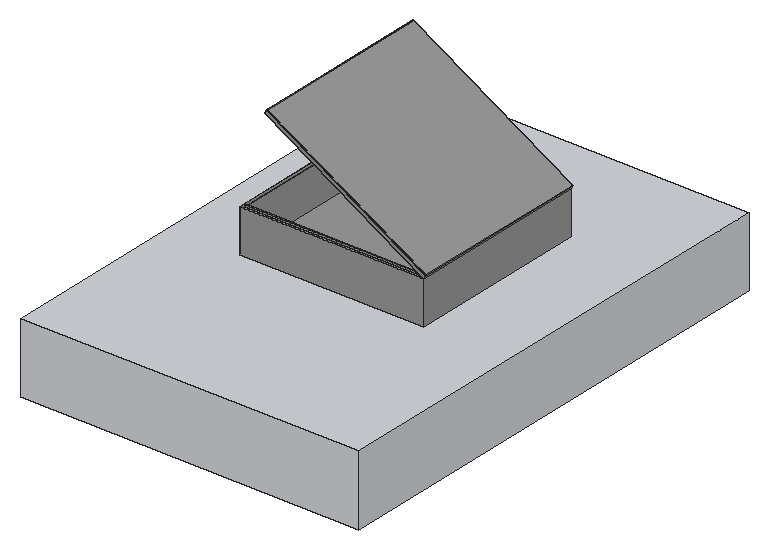
Revit family "Hager-Univers-IP54-D205-H800-Cl.II-Encl-DE-de", category Equipement électrique, Revit 2020
Family settings
  Hôte = Face
  Configuration du panneau = Deux colonnes, circuits au sein
  Cote de connecteur circulaire = Utiliser le diamètre
  Type d'élément = Tableau de raccordement
  Couper avec des vides une fois chargée = Non
  Partagée = Non
  Point de calcul de pièce = Non
Parameters (values of type "Aufputz IP54 B800 H800 T205  - FP53SW2")
  Width Control [instance] = if([EF000008 - Breite] > Min Width, [EF000008 - Breite], Min Width)  # 800 mm
  Commentaires du type = [HG000003 - Bereich]  # "Univers"
  Thickness Door [instance] = if([EF009171 - Materialstärke Tür/Deckel] > 3 mm, 3 mm, [EF009171 - Materialstärke Tür/Deckel])  # 1 mm
  Seal Frame Offset [instance] = 17 mm  # constant formula
  Plinth Visibility [instance] = [HG000027 - Sockelhöhe] > 0 mm  # no
  Model = ""
  Min Width [instance] = 100 mm  # constant formula
  Min Height [instance] = 100 mm  # constant formula
  Min Depth [instance] = (2 * [EF009170 - Materialstärke Gehäuse]) + 1 mm  # 3 mm
  Internal Frame Depth [instance] = (Door System Depth * 0.5)  # 9 mm
  Height Control [instance] = if([EF000040 - Höhe] > Min Height, [EF000040 - Höhe], Min Height)  # 800 mm
  HG000027 - Sockelhöhe = 0 mm
  HG000026 - Stehend auf dem Boden = no
  HG000024 - Höhe des unteren Teils = 800 mm
  HG000023 - Gehäuse mit doppeltem Querschnitt = no
  HG000016 - 3D-Türsichtbarkeit [instance] = yes
  HG000015 - Sichtbarkeit der Türöffnung [instance] = no
  HG000014 - Tür rechts [instance] = yes
  HG000013 - Tür links [instance] = not([HG000014 - Tür rechts])  # no
  HG000012 - Türschwenkwinkel [instance] = 30.00°
  HG000010 - Asymmetrische Türen = no
  HG000009 - Doppelflügeligen Tür = no
  HG000006 - Unterputz = no
  HG000004 - Herstellerreferenz = "FP53SW2"
  HG000003 - Bereich = "Univers"
  HG000002 - Mit tür = yes
  Frame Offset Bottom [instance] = 10 mm  # constant formula
  Frame Offset [instance] = 15 mm  # constant formula
  EF015940 - Deckel mit Überdruckentlastung = no
  EF011959 - Schutzart (NEMA) = ""
  EF009554 - Anzahl der Öffnungen für Flanschplatten = 6
  Fabricant = "Hager"  # constant formula
  EF009212 - Ausführung Deckel = "EV000116 - geschlossen"
  EF009171 - Materialstärke Tür/Deckel = 1 mm
  EF009170 - Materialstärke Gehäuse = 1 mm
  EF008873 - Nennstrom (In) = 250 A
  EF007800 - Geeignet für Blitzschutz = no
  EF006306 - Mit Schloss = no
  EF006244 - Transparenter Deckel/Tür = no
  EF005474 - Schutzart (IP) = "EV006419 - IP54"
  EF004464 - Art der Tür = "EV002646 - Einzel"
  EF004427 - Anzahl der Module = 180
  EF004293 - Schlagfestigkeit = "EV006815 - IK09"
  EF003532 - Geeignet für Außengebrauch = no
  EF002950 - Breite in Teilungseinheiten = 36
  EF001613 - Funktionserhalt = "EV000494 - ohne"
  EF001596 - Werkstoff des Gehäuses = "EV000179 - Stahl"
  EF001131 - Innentiefe = 130 mm
  EF001088 - Anbaumöglichkeit = yes
  EF000437 - Anzahl der Leitungseinführungen = 6
  EF000339 - Art der Abdeckung = "EV004216 - Tür"
  EF000266 - Anzahl der Reihen = 5
  EF000218 - Einbautiefe = 205 mm
  EF000118 - Mit Montageplatte = no
  EF000116 - RAL-Nummer = "9010"
  EF000049 - Tiefe = 205 mm
  EF000040 - Höhe = 800 mm
  EF000008 - Breite = 800 mm
  EF000007 - Farbe = "EV000202 - weiß"
  EF000003 - Montageart = "EV000384 - Aufputz"
  Door System Leaf Tolerance [instance] = 1.5 mm  # constant formula
  Door System Depth [instance] = 18 mm  # constant formula
  Door Height [instance] = Height Control - [HG000027 - Sockelhöhe]  # 800 mm
  Depth Control [instance] = if([EF000049 - Tiefe] > Min Depth, [EF000049 - Tiefe], Min Depth)  # 205 mm
  Default Elevation = 0 mm
  Connector Offset [instance] = Height Control / 2  # 400 mm
  Bottom Top Plate Trim [instance] = 1.5 mm  # constant formula
  Plinth height Ctrl [instance] = if([HG000027 - Sockelhöhe] > 0 mm, [HG000027 - Sockelhöhe], 12 mm)  # 12 mm
Types (5, lengths in mm): name | Width Control | HG000010 - Asymmetrische Türen | HG000009 - Doppelflügeligen Tür | HG000004 - Herstellerreferenz | EF009554 - Anzahl der Öffnungen für Flanschplatten | EF004464 - Art der Tür | EF004427 - Anzahl der Module | EF002950 - Breite in Teilungseinheiten | EF000437 - Anzahl der Leitungseinführungen | EF000339 - Art der Abdeckung | EF000008 - Breite
  Aufputz IP54 B1050 H800 T205  - FP54SW2 | 1050 | no | yes | "FP54SW2" | 8 | "EV003602 - Doppel" | 240 | 48 | 8 | "EV004216 - Tür" | 1050
  Aufputz IP54 B1300 H800 T205  - FP55SW2 | 1300 | yes | yes | "FP55SW2" | 10 | "EV003602 - Doppel" | 300 | 60 | 10 | "EV004216 - Tür" | 1300
  Aufputz IP54 B300 H800 T205  - FP51SW2 | 300 | no | no | "FP51SW2" | 2 | "EV002646 - Einzel" | 60 | 12 | 2 | "EV001012 - Deckel" | 300
  Aufputz IP54 B550 H800 T205  - FP52SW2 | 550 | no | no | "FP52SW2" | 4 | "EV002646 - Einzel" | 120 | 24 | 4 | "EV001012 - Deckel" | 550
  Aufputz IP54 B800 H800 T205  - FP53SW2 | 800 | no | no | "FP53SW2" | 6 | "EV002646 - Einzel" | 180 | 36 | 6 | "EV004216 - Tür" | 800
Reference planes
  plane 1 "Center (Front/Back)": y = 0
  plane 2: z = 0
  plane 3 "Center (Left/Right)": x = 0
  plane 4: z = 205
  plane 5: y = 1
  plane 6: y = 400
  plane 7: y = 0
  plane 8: y = 800
  plane 9: z = 0
  plane 10: x = -385
  plane 11: x = 385
  plane 12: x = 384
  plane 13: x = -384
  plane 14: y = 799
  plane 15: x = -383
  plane 16: x = -400
  plane 17: x = 383
  plane 18: x = 400
  plane 19: x = 399
  plane 20: x = -399
  plane 21: y = 11
  plane 22: y = 800
  plane 23: y = 784
  plane 24: z = 187
  plane 25: z = 1
  plane 26: z = 186
  plane 27: z = 204
Forms (mm)
  Extrusion 1, solid
    sketch origin (0, 0, 0) x (1, 0, 0) y (0, 1, 0)
      loop
        line (-702.964, 1305) -> (-702.964, -811.445) -> (766.763, -811.445) -> (766.763, 1305) -> (-702.964, 1305)
    from 0 to -304.8
  Extrusion 2, solid, material "Hager_Steel_RAL7035_Light_Grey", visible <- "Plinth Visibility", detail levels medium+fine
    sketch origin (0, 0, 0) x (1, 0, 0) y (0, 1, 0)
      loop
        line (-400, 0) -> (400, 0) -> (400, 12) -> (-400, 12) -> (-400, 0)
    from 0 to 187
  Extrusion 3, solid, material "Hager_Steel_RAL7035_Light_Grey", detail levels medium+fine
    sketch origin (0, 0, 0) x (1, 0, 0) y (0, 1, 0)
      loop
        line (-400, 0) -> (400, 0) -> (400, 800) -> (-400, 800) -> (-400, 0)
    from 0 to 187
  Extrusion 4, void
    sketch origin (0, 0, 0) x (1, 0, 0) y (0, 1, 0)
      loop
        line (-399, 1) -> (399, 1) -> (399, 799) -> (-399, 799) -> (-399, 1)
    from 1 to 186
  Extrusion 5, void
    sketch origin (-381.607, -4572, 187) x (0, -1, 0) y (-1, 0, 0)
      loop
        line (-4583, 2.393) -> (-5356, 2.393) -> (-5356, -765.607) -> (-4583, -765.607) -> (-4583, 2.393)
    from 0 to 1 <- "EF009170 - Materialstärke Gehäuse"
  Extrusion 6, solid, material "Hager_Steel_RAL7035_Light_Grey", detail levels fine
    sketch origin (0, 0, 187) x (1, 0, 0) y (0, 1, 0)
      loop
        line (-384, 784) -> (-384, 11) -> (384, 11) -> (384, 784) -> (-384, 784)
      loop
        line (-385, 10) -> (385, 10) -> (385, 785) -> (-385, 785) -> (-385, 10)
    from 0 to 9 <- "Internal Frame Depth"
  Extrusion 7, solid, material "Hager_Steel_RAL7035_Light_Grey", detail levels coarse
    sketch origin (0, 0, 0) x (1, 0, 0) y (0, 1, 0)
      loop
        line (-400, 0) -> (400, 0) -> (400, 800) -> (-400, 800) -> (-400, 0)
    from 0 to 205
  Sweep 8, void
    path in 3D
      loop
        line (-400, 12, 0) -> (400, 12, 0) -> (400, 12, 187) -> (-400, 12, 187) -> (-400, 12, 0)
    profile origin (-400, 12, 93.5) x (-1, 0, 0) y (0, -1, 0)
      loop
        line (0, 0) -> (0, 1.5) -> (-1.5, 1.5)
        arc (-1.5, 1.5) -> (-1.061, 0.439) -> (0, 0) r 1.5
Cuts and joins
  Extrusion 4, Extrusion 5 cuts Extrusion 3
  Sweep 8 cuts Extrusion 2
Lines and regions (mm)
  Masking region 1
    outline origin (0, 0, 0) x (1, 0, 0) y (0, 0, 1)
      loop
        line (-400, 205) -> (-400, 0) -> (400, 0) -> (400, 205) -> (-400, 205)
  Masking region 2, detail levels medium+fine
    outline origin (0, 140, 0) x (0, 1, 0) y (0, 0, 1)
      loop
        line (-140, 0) -> (660, 0) -> (660, 187) -> (-140, 187) -> (-140, 0)
  Masking region 3, not visible, detail levels medium+fine
    outline origin (0, 297.922, 0) x (0, 1, 0) y (0, 0, 1)
      loop
        line (113.578, 0) -> (153.578, 0) -> (153.578, 194)
        arc (153.578, 194) -> (150.649, 201.071) -> (143.578, 204) r 10
        line (143.578, 204) -> (113.578, 204) -> (113.578, 0)
  Masking region 4, detail levels coarse
    outline origin (0, 0, 180) x (0, 1, 0) y (0, 0, 1)
      loop
        line (0, -180) -> (800, -180) -> (800, 25) -> (0, 25) -> (0, -180)
  Masking region 5, visible <- "Plinth Visibility", detail levels medium+fine
    outline origin (0, 52.24, 12.345) x (0, 0, -1) y (0, 1, 0)
      loop
        line (10.845, -40.24) -> (-173.155, -40.24)
        arc (-173.155, -40.24) -> (-173.594, -41.301) -> (-174.655, -41.74) r 1.5
        line (-174.655, -41.74) -> (-174.655, -52.24) -> (12.345, -52.24) -> (12.345, -41.74)
        arc (12.345, -41.74) -> (11.285, -41.301) -> (10.845, -40.24) r 1.5
  Masking region 6, detail levels medium+fine
    outline origin (-381.607, -4572, 187) x (-1, 0, 0) y (0, -1, 0)
      loop
        line (18.393, -5372) -> (18.393, -4572) -> (-781.607, -4572) -> (-781.607, -5372) -> (18.393, -5372)
  Masking region 7, visible <- "Plinth Visibility", detail levels medium+fine
    outline origin (-381.607, -4727, 187) x (-1, 0, 0) y (0, -1, 0)
      loop
        arc (16.893, -4739) -> (17.332, -4737.939) -> (18.393, -4737.5) r 1.5
        line (18.393, -4737.5) -> (18.393, -4727) -> (-781.607, -4727) -> (-781.607, -4737.5)
        arc (-781.607, -4737.5) -> (-780.546, -4737.939) -> (-780.107, -4739) r 1.5
        line (-780.107, -4739) -> (16.893, -4739)
  Masking region 8, detail levels coarse
    outline origin (-442.548, -4669.526, 187) x (-1, 0, 0) y (0, -1, 0)
      loop
        line (-42.548, -5469.526) -> (-42.548, -4669.526) -> (-842.548, -4669.526) -> (-842.548, -5469.526) -> (-42.548, -5469.526)
  sketch lines
    curve 1: line (-400, 12, 187) -> (-400, 12, 0)
    curve 2: line (400, 12, 187) -> (-400, 12, 187)
    curve 3: line (400, 12, 187) -> (400, 12, 0)
    curve 4: line (-400, 12, 0) -> (400, 12, 0)
Dimensions and locks
  "Depth Control": plane 4 to Extrusion 1
  "HG000027 - Sockelhöhe": plane 1 "Center (Front/Back)" to plane 7
  "EF009170 - Materialstärke Gehäuse": plane 5 to plane 7
  locked: connector elem to plane 3 "Center (Left/Right)"
  equal spacing: plane 8, plane 6, plane 7
  locked: connector elem to plane 6
  "EF009170 - Materialstärke Gehäuse": plane 8 to plane 14
  "EF009170 - Materialstärke Gehäuse": plane 10 to plane 13
  "EF009170 - Materialstärke Gehäuse": plane 12 to plane 11
  "Frame Offset": plane 20 to plane 13
  "Frame Offset": plane 12 to plane 19
  "EF009170 - Materialstärke Gehäuse": plane 16 to plane 20
  "EF009170 - Materialstärke Gehäuse": plane 19 to plane 18
  "Seal Frame Offset": plane 16 to plane 15
  "Seal Frame Offset": plane 17 to plane 18
  "Frame Offset Bottom": plane 21 to plane 5
  "Frame Offset": plane 14 to plane 23
  equal spacing: plane 16, plane 3 "Center (Left/Right)", plane 18
  "Width Control": plane 16 to plane 18
  "EF009170 - Materialstärke Gehäuse": plane 4 to plane 27
  "EF009170 - Materialstärke Gehäuse": plane 24 to plane 26
  "EF009170 - Materialstärke Gehäuse": plane 25 to level
  "Door System Depth": plane 4 to plane 24
  "Height Control": plane 1 "Center (Front/Back)" to Extrusion 7 sketch curve
  "Height Control": Masking region 4 sketch curve to plane 1 "Center (Front/Back)"
  "Height Control": plane 1 "Center (Front/Back)" to plane 22
  "Bottom Top Plate Trim": profile plane to Sweep 8 sketch curve
  "Bottom Top Plate Trim": Sweep 8 sketch curve to profile plane
  "Plinth height Ctrl": plane 1 "Center (Front/Back)" to Extrusion 2 sketch curve
  "Plinth height Ctrl": Masking region 5 sketch curve to plane 1 "Center (Front/Back)"
  "Plinth height Ctrl": plane 1 "Center (Front/Back)" to Masking region 7 sketch curve
  "Thickness Door": Extrusion 6 sketch curve to Extrusion 6 sketch curve  (x3)
  "Thickness Door": cut or joined group of Extrusion 3, Extrusion 4, Extrusion 5 to Extrusion 6 sketch curve
  radius of Masking region 3 sketch curve = 10 mm
  "Bottom Top Plate Trim": radius of Masking region 5 sketch curve  (x2)
  "Bottom Top Plate Trim": radius of Sweep 8 sketch curve
  "Bottom Top Plate Trim": radius of Masking region 7 sketch curve  (x2)
  aligned and locked: plane 2 to Extrusion 1
  aligned and locked: level to Extrusion 1
  aligned and locked: level to Masking region 1 sketch curve
  aligned and locked: Masking region 1 sketch curve to plane 18
  aligned and locked: Masking region 1 sketch curve to plane 16
  aligned and locked: plane 7 to Masking region 2 sketch curve
  aligned and locked: level to Masking region 3 sketch curve
  aligned and locked: Masking region 3 sketch curve to plane 27
  aligned and locked: level to Masking region 2 sketch curve
  aligned and locked: plane 1 "Center (Front/Back)" to Extrusion 2 sketch curve
  aligned and locked: Extrusion 3 sketch curve to plane 7
  aligned and locked: plane 16 to Extrusion 3 sketch curve
  aligned and locked: plane 18 to Extrusion 3 sketch curve
  aligned and locked: plane 20 to Extrusion 4 sketch curve
  aligned and locked: plane 19 to Extrusion 4 sketch curve
  aligned and locked: Extrusion 4 sketch curve to plane 5
  aligned and locked: Extrusion 4 to plane 25
  aligned and locked: plane 26 to Extrusion 4
  aligned and locked: plane 24 to Extrusion 3
  aligned and locked: Extrusion 5 sketch curve to plane 21
  aligned and locked: Extrusion 5 sketch curve to plane 13
  aligned and locked: Extrusion 5 sketch curve to plane 12
  aligned and locked: plane 18 to Extrusion 7 sketch curve
  aligned and locked: plane 1 "Center (Front/Back)" to Extrusion 7 sketch curve
  aligned and locked: plane 16 to Extrusion 7 sketch curve
  aligned and locked: plane 4 to Extrusion 7
  aligned and locked: Extrusion 7 to level
  aligned and locked: level to Masking region 4 sketch curve
  aligned and locked: Masking region 4 sketch curve to plane 1 "Center (Front/Back)"
  aligned and locked: Masking region 4 sketch curve to plane 4
  aligned and locked: nested 1 to level
  aligned and locked: nested 1 to plane 16
  aligned and locked: plane 8 to Extrusion 3 sketch curve
  aligned and locked: plane 23 to Extrusion 5 sketch curve
  aligned and locked: plane 14 to Extrusion 4 sketch curve
  aligned and locked: Masking region 2 sketch curve to plane 8
  aligned and locked: level to Masking region 5 sketch curve
  aligned and locked: plane 16 to Extrusion 2 sketch curve
  aligned and locked: plane 18 to Extrusion 2 sketch curve
  aligned and locked: Masking region 5 sketch curve to plane 24
  aligned and locked: Masking region 2 sketch curve to plane 24
  aligned and locked: plane 24 to Extrusion 2
  aligned and locked: profile plane to Sweep 8 sketch curve  (x2)
  aligned and locked: Masking region 6 sketch curve to plane 18
  aligned and locked: Masking region 6 sketch curve to plane 22
  aligned and locked: Masking region 6 sketch curve to plane 16
  aligned and locked: plane 8 to plane 22
  aligned and locked: Masking region 6 sketch curve to plane 7
  aligned and locked: Masking region 7 sketch curve to plane 16
  aligned and locked: Masking region 7 sketch curve to plane 1 "Center (Front/Back)"
  aligned and locked: Masking region 7 sketch curve to plane 18
  aligned and locked: Masking region 8 sketch curve to plane 1 "Center (Front/Back)"
  aligned and locked: Masking region 8 sketch curve to plane 18
  aligned and locked: Masking region 8 sketch curve to plane 22
  aligned and locked: Masking region 8 sketch curve to plane 16
  aligned and locked: nested 2 to plane 7
  aligned and locked: plane 3 "Center (Left/Right)" to nested 2
  aligned and locked: nested 2 to plane 24
  aligned and locked: Extrusion 6 sketch curve to cut or joined group of Extrusion 3, Extrusion 4, Extrusion 5  (x4)
Automatic sketch dimensions
  Extrusion 1 sketch curve to Extrusion 1 sketch curve = 1469.727 mm
  Extrusion 1 sketch curve to Extrusion 1 sketch curve = 2116.445 mm
  Masking region 1 sketch curve to plane 4 = 0 mm
  plane 6 to Masking region 3 sketch curve = 11.5 mm
  Masking region 3 sketch curve to Masking region 3 sketch curve = 30 mm
  Masking region 5 sketch curve to plane 1 "Center (Front/Back)" = 0 mm
Nested families
  nested 1: "Hager_Enclosure_Symbol" at (-400, 0, 0) x (1, 0, 0) z (0, -1, 0), Height <- "Depth Control", Width <- "Width Control", type "Hager_Enclosure_Symbol"
    with Width_Ctrl 800 mm, Width 800 mm, Height_Ctrl 205 mm, Height 205 mm, A_Width_Int 13.453 mm, A_Width 161.438 mm, A_Height_Ctrl 179.375 mm, A_Height 179.375 mm
  nested 2: "EC000058_Univers_Door" at (0, 0, 187) x (1, 0, 0) z (0, 1, 0), Leaf_Tolerance <- "Door System Leaf Tolerance", Angle <- "HG000012 - Türschwenkwinkel", Door_Depth <- "Door System Depth", Door_Left <- "HG000013 - Tür links", Transparent <- "EF006244 - Transparenter Deckel/Tür", Assymetrical <- "HG000010 - Asymmetrische Türen", Width <- "Width Control", Clearance <- "HG000015 - Sichtbarkeit der Türöffnung", Double <- "HG000009 - Doppelflügeligen Tür", 3d_Door <- "HG000016 - 3D-Türsichtbarkeit", Lock_Visibility <- "EF006306 - Mit Schloss", Width_Ctrl <- "Width Control", Door_Right <- "HG000014 - Tür rechts", Door <- "HG000002 - Mit tür", Height <- "Door Height", Thickness <- "Thickness Door", type "EC000058_Univers_Door", detail levels medium+fine
    with min_wh 3 mm, Width_Ctrl 800 mm, Width 800 mm, Transparent no, Thickness 1 mm, Seal_Material Hager_Rubber, Lock_Visibility no, Lock_Material Hager_Plastic_RAL9005_Jet_Black, Leaf_Width 800 mm, Leaf_Tolerance_External_Sides 0 mm, Leaf_Tolerance 1.5 mm, Leaf_Offset 0 mm, Leaf_Height 797 mm, Leaf_2_Width 800 mm, Leaf_2_Offset 400 mm, Leaf_1_Width 800 mm, Leaf_1_Offset 400 mm, Height_Ctrl 800 mm, Height 800 mm, Glass_Material Hager_Glass, Double_Clearance_Ctrl no, Double no, Door_Right_Ctrl yes, Door_Right yes, Door_Material Hager_Steel_RAL7035_Light_Grey, Door_Left_Ctrl no, Door_Left no, Door_Depth 18 mm, Door yes, Clearance_Material Hager_Clearance, Clearance_Depth 800 mm, Clearance_Ctrl no, Clearance no, Assymetrical no, Angle 30.00°, 3d_Door yes
Connectors
  electrical at (0, 400, 0)
    settings: on plane 9, index 1, voltage 0 V, apparent load 0 VA, apparent load phase1 0 VA, apparent load phase2 0 VA, apparent load phase3 0 VA, power factor 1, load classification "Other", number of poles 1, system type 30, power factor state 1, is connector primary yes, connector utility no, sub classification motor no, connector description ""
Definition of nested family "EC000058_Univers_Door"
  Parameters (values of type "EC000058_Univers_Door")
    min_wh [instance] = (2 * Thickness) + 1 mm  # 11 mm
    Width_Ctrl [instance] = 400 mm
    Width [instance] = 500 mm
    Transparent [instance] = yes
    Thickness [instance] = 5 mm
    Seal_Material [instance] = none
    Lock_Visibility [instance] = yes
    Lock_Material [instance] = none
    Leaf_Width [instance] = if((Width_Ctrl - 2 * Leaf_Tolerance_External_Sides) > 0 mm, (Width_Ctrl - 2 * Leaf_Tolerance_External_Sides), min_wh)  # 400 mm
    Leaf_Tolerance_External_Sides [instance] = 0 mm  # constant formula
    Leaf_Tolerance [instance] = 1.5 mm
    Leaf_Offset [instance] = 0 mm  # constant formula
    Leaf_Height [instance] = if((Height_Ctrl - 2 * Leaf_Tolerance) > 0 mm, (Height_Ctrl - 2 * Leaf_Tolerance), min_wh)  # 497 mm
    Leaf_2_Width [instance] = if(and(and(Double, Assymetrical), Door_Left), (Leaf_Width / 3) - (Leaf_Tolerance / 2), if(and(and(Double, Assymetrical), Door_Right), (Leaf_Width / 3) * 2 - (Leaf_Tolerance / 2), if(and(Double, not(Assymetrical)), (Leaf_Width / 2) - Leaf_Tolerance, Leaf_Width)))  # 400 mm
    Leaf_2_Offset [instance] = if(and(Double, Assymetrical), Leaf_2_Width / 2, if(and(Double, not(Assymetrical)), Leaf_Width / 4, Leaf_Width / 2))  # 200 mm
    Leaf_1_Width [instance] = if(and(and(Double, Assymetrical), Door_Right), (Leaf_Width / 3) - (Leaf_Tolerance / 2), if(and(and(Double, Assymetrical), Door_Left), (Width / 3) * 2 - (Leaf_Tolerance / 2), if(and(Double, not(Assymetrical)), (Leaf_Width / 2) - Leaf_Tolerance, Leaf_Width)))  # 400 mm
    Leaf_1_Offset [instance] = if(and(Double, Assymetrical), Leaf_1_Width / 2, if(and(Double, not(Assymetrical)), Leaf_Width / 4, Leaf_Width / 2))  # 200 mm
    Height_Ctrl [instance] = if(Height > min_wh, Height, min_wh)  # 500 mm
    Height [instance] = 500 mm
    Glass_Material [instance] = none
    Double_Clearance_Ctrl [instance] = and(Double, Clearance)  # no
    Double [instance] = no
    Door_Right_Ctrl [instance] = and(or(Door_Right, Double), Door)  # yes
    Door_Right [instance] = yes
    Door_Material [instance] = none
    Door_Left_Ctrl [instance] = and(or(Door_Left, Double), Door)  # no
    Door_Left [instance] = no
    Door_Depth [instance] = 30 mm
    Door [instance] = yes
    Default Elevation = 1219.2 mm
    Clearance_Material [instance] = none
    Clearance_Depth [instance] = if(Leaf_1_Width > Leaf_2_Width, Leaf_1_Width, Leaf_2_Width)  # 400 mm
    Clearance_Ctrl [instance] = and(not(Double), Clearance)  # yes
    Clearance [instance] = yes
    Assymetrical [instance] = yes
    Angle [instance] = 30.00°
    3d_Door [instance] = yes
  Reference planes
    plane 1 "Center (Front/Back)": y = 0
    plane 2 "Bottom": z = 0
    plane 3 "Center (Left/Right)": x = 0
    plane 4: z = 500
    plane 5: x = -200
    plane 6: x = 200
    plane 7: z = 500
    plane 8: x = -200
    plane 9: z = 0
    plane 10: x = 200
    plane 11: y = 0
    plane 12: z = 1.5
    plane 13: x = -600
    plane 14: y = -400
    plane 15: x = 600
    plane 16: x = 0
    plane 17: x = 0
    plane 18: x = -200
    plane 19: x = 200
    plane 20: z = 498.5
  Forms (mm)
    Extrusion 1, solid, material <- "Clearance_Material", visible <- "Double_Clearance_Ctrl"
      sketch origin (1200, 0, 0) x (1, 0, 0) y (0, 0, -1)
        loop
          line (-1800, -498.5) -> (-600, -498.5) -> (-600, 0) -> (-1800, 0) -> (-1800, -498.5)
      from 0 to -400
  Dimensions and locks
    equal spacing: plane 5, plane 3 "Center (Left/Right)", plane 6
    "Width_Ctrl": plane 5 to plane 6
    "Leaf_Offset": plane 5 to plane 8
    "Leaf_Offset": plane 6 to plane 10
    "Leaf_Offset": plane 9 to level
    "Leaf_Offset": plane 4 to plane 7
    "Height_Ctrl": plane 4 to level
    "Leaf_Tolerance": plane 12 to plane 9
    locked: plane 11 to plane 1 "Center (Front/Back)"
    "Leaf_1_Offset": plane 18 to plane 16
    "Leaf_2_Offset": plane 17 to plane 19
    "Leaf_1_Width": plane 13 to plane 8
    "Leaf_2_Width": plane 10 to plane 15
    "Clearance_Depth": plane 14 to plane 1 "Center (Front/Back)"
    "Leaf_Tolerance_External_Sides": plane 8 to plane 18
    "Leaf_Tolerance_External_Sides": plane 19 to plane 10
    "Leaf_Tolerance": plane 7 to plane 20
    aligned and locked: level to plane 2 "Bottom"
    aligned and locked: nested 1 to plane 16
    aligned and locked: nested 2 to plane 17
    aligned and locked: Extrusion 1 to plane 13
    aligned and locked: plane 15 to Extrusion 1
    aligned and locked: Extrusion 1 to plane 14
    aligned and locked: plane 12 to nested 1
    aligned and locked: nested 2 to plane 12
    aligned and locked: Extrusion 1 to plane 11
    aligned and locked: plane 20 to Extrusion 1
    aligned and locked: nested 2 to plane 11
    aligned and locked: nested 1 to plane 11
  Automatic sketch dimensions
    Extrusion 1 sketch curve to level = 0 mm
    plane 5 to Extrusion 1 sketch curve = 400 mm
    plane 6 to Extrusion 1 sketch curve = 400 mm
    Extrusion 1 sketch curve to plane 4 = 1.5 mm
  Nested families
    nested 1: "EC000058_Univers_Door_Leaf" at (0, 0, 1.5), Width <- "Leaf_1_Width", visible <- "Door_Left_Ctrl", Leaf_Height <- "Leaf_Height", Angle <- "Angle", 3d_Door <- "3d_Door", Transparent <- "Transparent", Clearance Material <- "Clearance_Material", Clearance <- "Clearance_Ctrl", Door_Material <- "Door_Material", Glass_Material <- "Glass_Material", Door_Depth <- "Door_Depth", Lock_Material <- "Lock_Material", Seal_Material <- "Seal_Material", Lock_Visibility <- "Lock_Visibility", Thickness <- "Thickness", type "EC000058_Univers_Door_Leaf"
      with Width 400 mm, Transparent_Glass_Offset 30 mm, Transparent_Ctrl yes, Transparent yes, Thickness 5 mm, Standard no, Seal_Material none, Seal_D2 8 mm, Seal_D1 1 mm, Offset_Internal_Frame 10 mm, Lock_Width 20 mm, Lock_Visibility_3d yes, Lock_Visibility yes, Lock_Thickness_3 3 mm, Lock_Thickness_2 1 mm, Lock_Thickness_1 3 mm, Lock_Radius_Offset_2 16 mm, Lock_Radius_Offset_1 15 mm, Lock_Radius_2 5 mm, Lock_Radius 6 mm, Lock_Offset 5 mm, Lock_Material none, Lock_Height 80 mm, Lock_Cover_Top_Offset_2d 17 mm, Lock_Cover_Height -65 mm, Leaf_Height 497 mm, Internal_Seal_Thickness 8 mm, Internal_Seal_Depth_2 4.5 mm, Internal_Frame_Depth 25 mm, Glass_Thickness -1 mm, Glass_Offset -2 mm, Glass_Material none, Door_Material none, Door_Depth 30 mm, Clearance Material none, Clearance yes, Angle_Ctrl 30.00°, Angle 30.00°, 3d_Door yes
    nested 2: "EC000058_Univers_Door_Leaf" at (0, 0, 1.5) x (-1, 0, 0) z (0, 0, 1), Width <- "Leaf_2_Width", visible <- "Door_Right_Ctrl", Leaf_Height <- "Leaf_Height", Angle <- "Angle", 3d_Door <- "3d_Door", Transparent <- "Transparent", Clearance Material <- "Clearance_Material", Clearance <- "Clearance_Ctrl", Door_Material <- "Door_Material", Glass_Material <- "Glass_Material", Door_Depth <- "Door_Depth", Lock_Material <- "Lock_Material", Seal_Material <- "Seal_Material", Lock_Visibility <- "Lock_Visibility", Thickness <- "Thickness", type "EC000058_Univers_Door_Leaf"
      with Width 400 mm, Transparent_Glass_Offset 30 mm, Transparent_Ctrl yes, Transparent yes, Thickness 5 mm, Standard no, Seal_Material none, Seal_D2 8 mm, Seal_D1 1 mm, Offset_Internal_Frame 10 mm, Lock_Width 20 mm, Lock_Visibility_3d yes, Lock_Visibility yes, Lock_Thickness_3 3 mm, Lock_Thickness_2 1 mm, Lock_Thickness_1 3 mm, Lock_Radius_Offset_2 16 mm, Lock_Radius_Offset_1 15 mm, Lock_Radius_2 5 mm, Lock_Radius 6 mm, Lock_Offset 5 mm, Lock_Material none, Lock_Height 80 mm, Lock_Cover_Top_Offset_2d 17 mm, Lock_Cover_Height -65 mm, Leaf_Height 497 mm, Internal_Seal_Thickness 8 mm, Internal_Seal_Depth_2 4.5 mm, Internal_Frame_Depth 25 mm, Glass_Thickness -1 mm, Glass_Offset -2 mm, Glass_Material none, Door_Material none, Door_Depth 30 mm, Clearance Material none, Clearance yes, Angle_Ctrl 30.00°, Angle 30.00°, 3d_Door yes
  Definition of nested family "EC000058_Univers_Door_Leaf"
    Parameters (values of type "EC000058_Univers_Door_Leaf")
      Width [instance] = 2000 mm
      Transparent_Glass_Offset [instance] = 30 mm
      Transparent_Ctrl [instance] = and(Transparent, [3d_Door])  # yes
      Transparent [instance] = yes
      Thickness [instance] = 5 mm
      Standard [instance] = and(not(Transparent), [3d_Door])  # no
      Seal_Material [instance] = none
      Seal_D2 [instance] = 8 mm  # constant formula
      Seal_D1 [instance] = 1 mm  # constant formula
      Offset_Internal_Frame [instance] = 10 mm  # constant formula
      Lock_Width [instance] = 20 mm  # constant formula
      Lock_Visibility_3d [instance] = and(Lock_Visibility, [3d_Door])  # yes
      Lock_Visibility [instance] = yes
      Lock_Thickness_3 [instance] = 3 mm  # constant formula
      Lock_Thickness_2 [instance] = 1 mm  # constant formula
      Lock_Thickness_1 [instance] = 3 mm  # constant formula
      Lock_Radius_Offset_2 [instance] = Lock_Radius_Offset_1 + 1 mm  # 16 mm
      Lock_Radius_Offset_1 [instance] = 15 mm  # constant formula
      Lock_Radius_2 [instance] = Lock_Radius - 1 mm  # 5 mm
      Lock_Radius [instance] = 6 mm  # constant formula
      Lock_Offset [instance] = 5 mm  # constant formula
      Lock_Material [instance] = none
      Lock_Height [instance] = 80 mm  # constant formula
      Lock_Cover_Top_Offset_2d [instance] = Lock_Radius_Offset_2 + 1 mm  # 17 mm
      Lock_Cover_Height [instance] = -(Lock_Height - Lock_Radius_Offset_1)  # -65 mm
      Leaf_Height [instance] = 2720.336 mm
      Internal_Seal_Thickness [instance] = 8 mm  # constant formula
      Internal_Seal_Depth_2 [instance] = 4.5 mm  # constant formula
      Internal_Frame_Depth [instance] = if(Door_Depth - Thickness > 5 mm, Door_Depth - Thickness, 5 mm)  # 25 mm
      Glass_Thickness [instance] = if(Thickness > 15 mm, Glass_Offset + 10 mm, -1 mm)  # -1 mm
      Glass_Offset [instance] = if(Thickness > 15 mm, -(Thickness + 10 mm) / 2, -2 mm)  # -2 mm
      Glass_Material [instance] = none
      Door_Material [instance] = none
      Door_Depth [instance] = 30 mm
      Default Elevation = 0 mm
      Clearance Material [instance] = none
      Clearance [instance] = yes
      Angle_Ctrl [instance] = if(Angle > 180.00°, 180.00°, Angle)  # 90.00°
      Angle [instance] = 90.00°
      3d_Door [instance] = yes
    Reference planes
      plane 1 "Center (Front/Back)": y = 0
      plane 2: z = 0
      plane 3 "Center (Left/Right)": x = 0
      plane 4: y = 2000
      plane 5: x = -1000
      plane 6: x = 1000
      plane 7: x = -3000
      plane 8: z = 2720.336
      plane 9: z = 30
      plane 10: z = 2690.336
      plane 11: x = 970
      plane 12: x = -970
      plane 13: y = -3
      plane 14: z = 107.833
      plane 15: y = -5
      plane 16: y = -223.314
      plane 17: x = -1000
      plane 18: z = 1360.168
      plane 19: y = 30
    Forms (mm)
      Extrusion 1, solid, material <- "Clearance Material", visible <- "Clearance"
        sketch origin (0, 0, 0) x (1, 0, 0) y (0, 0, 1)
          loop
            line (-3000, 2720.336) -> (-3000, 0) -> (1000, 0) -> (1000, 2720.336) -> (-3000, 2720.336)
        from 0 to -2000
      Extrusion 2, solid, material <- "Door_Material", visible <- "Standard", detail levels medium+fine
        sketch origin (-1000, 0, 0) x (0, 1, 0) y (-1, 0, 0)
          loop
            line (0, 30) -> (0, 25) -> (2000, 25) -> (2000, 30) -> (0, 30)
        from 0 to 2720.336 <- "Leaf_Height"
      Extrusion 3, solid, material <- "Door_Material", visible <- "Transparent_Ctrl", detail levels medium+fine
        sketch origin (-1000, 0, 0) x (0, 1, 0) y (-1, 0, 0)
          loop
            line (0, 25) -> (2000, 25) -> (2000, 30) -> (0, 30) -> (0, 25)
        from 0 to 2720.336 <- "Leaf_Height"
      Extrusion 4, void
        sketch origin (-1025, 2000, 0) x (0, 1, 0) y (0, 0, -1)
          loop
            line (-30, -2690.336) -> (-30, -30) -> (-1970, -30) -> (-1970, -2690.336) -> (-30, -2690.336)
        from 0 to 5 <- "Thickness"
      Sweep 5, solid, material <- "Seal_Material", visible <- "Transparent_Ctrl", detail levels fine
        path in 3D
          loop
            line (-1025, 30, 30) -> (-1025, 30, 2690.336) -> (-1025, 1970, 2690.336) -> (-1025, 1970, 30) -> (-1025, 30, 30)
        profile origin (-1025, 1000, 30) x (1, 0, 0) y (0, 0, 1)
          loop
            line (0, 0) -> (0, -8) -> (1, -8) -> (1, 0) -> (0, 0)
      Extrusion 6, solid, material <- "Glass_Material", visible <- "Transparent_Ctrl", detail levels medium+fine
        sketch origin (-1030, 0, 0) x (0, 1, 0) y (0, 0, -1)
          loop
            line (1970, -2690.336) -> (1970, -30) -> (30, -30) -> (30, -2690.336) -> (1970, -2690.336)
        from -2 <- "Glass_Offset" to -1 <- "Glass_Thickness"
      Extrusion 7, solid, material <- "Door_Material", visible <- "3d_Door", detail levels medium+fine
        sketch origin (-1025, 2000, 0) x (0, -1, 0) y (0, 0, -1)
          loop
            line (0, -2720.336) -> (2000, -2720.336) -> (2000, 0) -> (0, 0) -> (0, -2720.336)
          loop
            line (1995, -5) -> (5, -5) -> (5, -2715.336) -> (1995, -2715.336) -> (1995, -5)
        from 0 to 25 <- "Internal_Frame_Depth"
      Sweep 8, solid, material <- "Seal_Material", visible <- "Transparent_Ctrl", detail levels fine
        path in 3D
          loop
            line (-1025, 0, 0) -> (-1025, 2000, 0) -> (-1025, 2000, 2720.336) -> (-1025, 0, 2720.336) -> (-1025, 0, 0)
        profile origin (-1025, 0, 1360.168) x (1, 0, 0) y (0, 1, 0)
          loop
            line (0, 10) -> (2.975, 10)
            arc (2.975, 10) -> (4.053, 10.447) -> (4.5, 11.525) r 1.525
            line (4.5, 11.525) -> (4.5, 16.527)
            arc (4.5, 16.527) -> (4.069, 17.569) -> (3.027, 18) r 1.473
            line (3.027, 18) -> (0, 18) -> (0, 10)
      Extrusion 9, solid, material <- "Lock_Material", visible <- "Lock_Visibility_3d", detail levels fine
        sketch origin (-1030, 0, 0) x (0, 1, 0) y (0, 0, -1)
          loop
            arc (1993.5, -1400.168) -> (1994.561, -1399.729) -> (1995, -1398.668) r 1.5
            line (1995, -1398.668) -> (1995, -1320.168) -> (1975, -1320.168) -> (1975, -1398.668)
            arc (1975, -1398.668) -> (1975.439, -1399.729) -> (1976.5, -1400.168) r 1.5
            line (1976.5, -1400.168) -> (1993.5, -1400.168)
        from 3 <- "Lock_Thickness_1" to 0
      Blend 10, solid, material <- "Lock_Material", visible <- "Lock_Visibility_3d", detail levels fine
        base sketch origin (-1033, 0, 0) x (0, 1, 0) y (0, 0, -1)
          loop
            line (1975, -1320.168) -> (1975, -1398.668)
            arc (1975, -1398.668) -> (1975.439, -1399.729) -> (1976.5, -1400.168) r 1.5
            line (1976.5, -1400.168) -> (1993.5, -1400.168)
            arc (1993.5, -1400.168) -> (1994.561, -1399.729) -> (1995, -1398.668) r 1.5
            line (1995, -1398.668) -> (1995, -1320.168) -> (1975, -1320.168)
        top sketch origin (-1033, 0, 0) x (0, 1, 0) y (0, 0, -1)
          loop
            line (1976, -1320.168) -> (1976, -1398.668)
            arc (1976, -1398.668) -> (1976.146, -1399.022) -> (1976.5, -1399.168) r 0.5
            line (1976.5, -1399.168) -> (1993.5, -1399.168)
            arc (1993.5, -1399.168) -> (1993.854, -1399.022) -> (1994, -1398.668) r 0.5
            line (1994, -1398.668) -> (1994, -1320.168) -> (1976, -1320.168)
        from 0 to 1 <- "Lock_Thickness_2"
      Blend 11, solid, material <- "Lock_Material", visible <- "Lock_Visibility_3d", detail levels fine
        base sketch origin (-1034, 0, 0) x (0, 1, 0) y (0, 0, -1)
          loop
            line (1978, -1320.168) -> (1978, -1384.168)
            arc (1978, -1384.168) -> (1985, -1391.168) -> (1992, -1384.168) r 7
            line (1992, -1384.168) -> (1992, -1320.168) -> (1978, -1320.168)
        top sketch origin (-1034, 0, 0) x (0, 1, 0) y (0, 0, -1)
          loop
            line (1991, -1320.168) -> (1979, -1320.168) -> (1979, -1383.168)
            arc (1979, -1383.168) -> (1985, -1389.168) -> (1991, -1383.168) r 6
            line (1991, -1383.168) -> (1991, -1320.168)
        from 0 to 3 <- "Lock_Thickness_3"
      Extrusion 12, solid, material <- "Lock_Material", visible <- "Lock_Visibility_3d", detail levels fine
        sketch origin (-1030, 1975, 1320.168) x (1, 0, 0) y (0, -1, 0)
          loop
            line (-7, -19) -> (-7, -1) -> (0, -1) -> (0, 0) -> (-8, 0) -> (-8, -20) -> (0, -20) -> (0, -19) -> (-7, -19)
        from 0 to -65 <- "Lock_Cover_Height"
      Extrusion 13, void
        sketch origin (-1038, 1995, 1320.168) x (-1, 0, 0) y (0, 0, -1)
          loop
            line (-5, -65) -> (0, -65) -> (-5, -60) -> (-5, -65)
        from 0 to 20 <- "Lock_Width"
      Extrusion 14, void
        sketch origin (-1038, 1975, 1320.168) x (0, -1, 0) y (0, 0, -1)
          loop
            circle (-10, -15.995) r 6
          loop
            circle (-10, -15.995) r 5
        from 0 to 2
      Extrusion 15, solid, material <- "Lock_Material", visible <- "Lock_Visibility_3d", detail levels medium
        sketch origin (-1030, 0, 0) x (0, 1, 0) y (0, 0, -1)
          loop
            arc (1993.5, -1400.168) -> (1994.561, -1399.729) -> (1995, -1398.668) r 1.5
            line (1995, -1398.668) -> (1995, -1320.168) -> (1975, -1320.168) -> (1975, -1398.668)
            arc (1975, -1398.668) -> (1975.439, -1399.729) -> (1976.5, -1400.168) r 1.5
            line (1976.5, -1400.168) -> (1993.5, -1400.168)
        from 8 to 0
    Cuts and joins
      Extrusion 4 cuts Extrusion 3
      Extrusion 13, Extrusion 14 cuts Extrusion 9
      Extrusion 14 cuts Blend 11
      Extrusion 13, Extrusion 14 cuts Extrusion 12
      joined: Extrusion 9, Blend 10, Blend 11, Extrusion 12
      Extrusion 14 cuts Extrusion 15
    Lines and regions (mm)
      Masking region 1, visible <- "Lock_Visibility", detail levels fine
        outline origin (0, 0, 0) x (0, 1, 0) y (0, 0, 1)
          loop
            line (30, 1320.168) -> (33, 1320.168) -> (33, 1400.168) -> (30, 1400.168) -> (30, 1320.168)
      Masking region 2, visible <- "Lock_Visibility", detail levels fine
        outline origin (0, 3.143, 0) x (0, 1, 0) y (0, 0, 1)
          loop
            line (29.857, 1354.168) -> (30.857, 1354.168) -> (30.857, 1366.168) -> (29.857, 1366.168) -> (29.857, 1354.168)
      Masking region 3, detail levels medium+fine
        outline origin (0, 0, 0) x (0, 1, 0) y (0, 0, 1)
          loop
            line (0, 0) -> (30, 0) -> (30, 2720.336) -> (0, 2720.336) -> (0, 0)
      Masking region 4, detail levels medium+fine
        outline origin (0, 0, 0) x (1, 0, 0) y (0, 0, 1)
          loop
            line (-1000, 2720.336) -> (-1000, 0) -> (1000, 0) -> (1000, 2720.336) -> (-1000, 2720.336)
      Masking region 5, visible <- "Lock_Visibility", detail levels fine
        outline origin (-47.116, 0, 0) x (1, 0, 0) y (0, 0, 1)
          loop
            arc (1024.616, 1399.168) -> (1023.556, 1398.729) -> (1023.116, 1397.668) r 1.5
            line (1023.116, 1397.668) -> (1023.116, 1320.168) -> (1041.116, 1320.168) -> (1041.116, 1397.668)
            arc (1041.116, 1397.668) -> (1040.677, 1398.729) -> (1039.616, 1399.168) r 1.5
            line (1039.616, 1399.168) -> (1024.616, 1399.168)
      Masking region 6, visible <- "Lock_Visibility", detail levels medium+fine
        outline origin (-25, 0, 0) x (1, 0, 0) y (0, 0, 1)
          loop
            arc (1001.5, 1400.168) -> (1000.439, 1399.729) -> (1000, 1398.668) r 1.5
            line (1000, 1398.668) -> (1000, 1320.168) -> (1020, 1320.168) -> (1020, 1398.668)
            arc (1020, 1398.668) -> (1019.561, 1399.729) -> (1018.5, 1400.168) r 1.5
            line (1018.5, 1400.168) -> (1001.5, 1400.168)
      Masking region 7, visible <- "Lock_Visibility", detail levels fine
        outline origin (-73.735, 0, 0) x (1, 0, 0) y (0, 0, 1)
          loop
            line (1051.735, 1382.168) -> (1065.735, 1382.168) -> (1065.735, 1384.168)
            arc (1065.735, 1384.168) -> (1058.735, 1391.168) -> (1051.735, 1384.168) r 7
            line (1051.735, 1384.168) -> (1051.735, 1382.168)
      Masking region 8, visible <- "Lock_Visibility", detail levels fine
        outline origin (-73.735, 0, 0) x (1, 0, 0) y (0, 0, 1)
          loop
            line (1052.735, 1382.168) -> (1064.735, 1382.168) -> (1064.735, 1383.168)
            arc (1064.735, 1383.168) -> (1058.735, 1389.168) -> (1052.735, 1383.168) r 6
            line (1052.735, 1383.168) -> (1052.735, 1382.168)
      Masking region 9, visible <- "Lock_Visibility", detail levels fine
        outline origin (-25, 0, 0) x (1, 0, 0) y (0, 0, 1)
          loop
            line (1020, 1320.168) -> (1020, 1382.168) -> (1000, 1382.168) -> (1000, 1320.168) -> (1020, 1320.168)
      Masking region 10, detail levels medium+fine
        outline origin (0, 0, 0) x (1, 0, 0) y (0, 0, 1)
          loop
            circle (985, 1335.144) r 6
      Masking region 11, detail levels fine
        outline origin (0, 0, 0) x (1, 0, 0) y (0, 0, 1)
          loop
            circle (985, 1335.144) r 5
      Masking region 12, visible <- "Lock_Visibility", detail levels fine
        outline origin (0, 12.767, 0) x (0, 1, 0) y (0, 0, 1)
          loop
            line (20.233, 1320.168) -> (21.233, 1320.168) -> (21.233, 1399.168) -> (20.233, 1400.168) -> (20.233, 1320.168)
      Masking region 13, visible <- "Lock_Visibility", detail levels fine
        outline origin (0, 13.767, -10) x (0, 1, 0) y (0, 0, 1)
          loop
            line (20.233, 1330.168) -> (23.233, 1330.168) -> (23.233, 1399.168) -> (20.233, 1402.168) -> (20.233, 1330.168)
      Masking region 14, visible <- "Lock_Visibility", detail levels fine
        outline origin (0, 12.767, -10) x (0, 1, 0) y (0, 0, 1)
          loop
            line (20.233, 1330.168) -> (25.233, 1330.168) -> (25.233, 1399.305) -> (20.233, 1394.305) -> (20.233, 1330.168)
      Masking region 15, visible <- "Lock_Visibility", detail levels medium
        outline origin (0, 0, 0) x (0, 1, 0) y (0, 0, 1)
          loop
            line (30, 1320.168) -> (38, 1320.168) -> (38, 1400.168) -> (30, 1400.168) -> (30, 1320.168)
      Masking region 16, visible <- "Lock_Visibility", detail levels fine
        outline origin (-1000, 0, 0) x (0, 1, 0) y (-1, 0, 0)
          loop
            line (1975, 30) -> (1995, 30) -> (1995, 38) -> (1975, 38) -> (1975, 30)
          loop
            line (1979, 37) -> (1976, 37) -> (1976, 34) -> (1978, 34) -> (1979, 37)
          loop
            line (1994, 37) -> (1991, 37) -> (1992, 34) -> (1994, 34) -> (1994, 37)
      Masking region 17, visible <- "Lock_Visibility", detail levels medium
        outline origin (-1000, 0, 0) x (0, 1, 0) y (-1, 0, 0)
          loop
            line (1975, 30) -> (1995, 30) -> (1995, 38) -> (1975, 38) -> (1975, 30)
      symbolic lines
        curve 1: line (1000, 0, 0) -> (-3000, 0, 0)
        curve 2: arc (1000, 0, 0) -> (-1000, 2000, 0) -> (-3000, 0, 0) r 2000
        curve 4: line (-1030, 0, 0) -> (-1030, 2000, 0)
      reference lines
        curve 3: line (-1000, 0, 0) -> (-1000, 2000, 0)
      symbolic lines, detail levels medium+fine
        curve 5: line (-1030, 2000, 0) -> (-1025, 2000, 0)
        curve 7: line (-1025, 0, 0) -> (-1030, 0, 0)
        curve 8: line (-1025, 0, 0) -> (-1000, 0, 0)
        curve 9: line (-1000, 0, 0) -> (-1000, 2000, 0)
        curve 10: line (-1000, 2000, 0) -> (-1025, 2000, 0)
      symbolic lines, detail levels fine
        curve 6: line (-1025, 2000, 0) -> (-1025, 0, 0)
      sketch lines
        curve 11: line (-1025, 0, 2720.336) -> (-1025, 0, 0)
        curve 12: line (-1025, 2000, 0) -> (-1025, 0, 0)
        curve 13: line (-1025, 2000, 2720.336) -> (-1025, 2000, 0)
        curve 14: line (-1025, 0, 2720.336) -> (-1025, 2000, 2720.336)
        curve 15: line (-1025, 1970, 30) -> (-1025, 30, 30)
        curve 16: line (-1025, 30, 30) -> (-1025, 30, 2690.336)
        curve 17: line (-1025, 1970, 2690.336) -> (-1025, 1970, 30)
        curve 18: line (-1025, 30, 2690.336) -> (-1025, 1970, 2690.336)
      symbolic lines, visible <- "Transparent", detail levels medium+fine
        curve 19: line (-970, 0, 2690.336) -> (970, 0, 2690.336)
        curve 20: line (-970, 0, 30) -> (-970, 0, 2690.336)
        curve 21: line (970, 0, 30) -> (-970, 0, 30)
        curve 22: line (970, 0, 2690.336) -> (970, 0, 30)
    Dimensions and locks
      "Width": plane 1 "Center (Front/Back)" to plane 4
      equal spacing: plane 5, plane 3 "Center (Left/Right)", plane 6
      "Width": plane 5 to plane 6
      "Width": plane 7 to plane 5
      "Leaf_Height": plane 8 to level
      "Width": curve 5 to curve 3
      "Width": curve 3 to curve 3
      plane 8 to plane 10 = 30 mm
      plane 9 to level = 30 mm
      plane 12 to plane 5 = 30 mm
      plane 6 to plane 11 = 30 mm
      Extrusion 1 to Extrusion 4 sketch curve = 30 mm
      "Transparent_Glass_Offset": curve 3 to Extrusion 4 sketch curve
      "Transparent_Glass_Offset": Extrusion 4 sketch curve to cut or joined group of Extrusion 3, Extrusion 4  (x2)
      cut or joined group of Extrusion 3, Extrusion 4 to Extrusion 6 sketch curve = 30 mm
      "Transparent_Glass_Offset": cut or joined group of Extrusion 3, Extrusion 4 to Extrusion 4 sketch curve
      "Thickness": curve 6 to curve 4
      "Thickness": Extrusion 7 sketch curve to Extrusion 7 sketch curve  (x4)
      "Door_Depth": curve 4 to curve 3
      "Offset_Internal_Frame": profile plane to Sweep 8 sketch curve
      "Internal_Seal_Thickness": Sweep 8 sketch curve to Sweep 8 sketch curve
      "Internal_Seal_Depth_2": profile plane to Sweep 8 sketch curve
      "Seal_D1": profile plane to Sweep 5 sketch curve
      "Seal_D2": profile plane to Sweep 5 sketch curve
      "Thickness": Extrusion 2 sketch curve to Extrusion 2 sketch curve
      equal spacing: Extrusion 9 sketch curve, plane 18, Extrusion 9 sketch curve  (x2)
      equal spacing: Masking region 1 sketch curve, plane 18, Masking region 1 sketch curve
      "Lock_Height": Masking region 1 sketch curve to Masking region 1 sketch curve
      "Lock_Radius": Masking region 2 sketch curve to plane 18 to Masking region 2 sketch curve
      Masking region 2 sketch curve to Masking region 1 = 1 mm
      "Door_Depth": plane 19 to plane 1 "Center (Front/Back)"
      "Lock_Thickness_1": Masking region 1 sketch curve to plane 19
      "Lock_Width": Extrusion 9 sketch curve to Extrusion 9 sketch curve
      "Lock_Height": Extrusion 9 sketch curve to Extrusion 9 sketch curve
      "Lock_Offset": cut or joined group of Extrusion 3, Extrusion 4 to Extrusion 9 sketch curve
      equal spacing: plane 8, plane 18, level
      "Lock_Radius_Offset_1": Blend 11 sketch curve to Blend 10
      locked: Blend 10 to Blend 11 sketch curve at 2  (x2)
      locked: var sketch to Blend 11 sketch curve at 1  (x2)
      "Lock_Radius_Offset_2": Blend 11 sketch curve to Blend 10
      locked: Extrusion 12 sketch curve to Extrusion 12 sketch curve at 1  (x3)
      Masking region 6 sketch curve to Masking region 6 sketch curve = 80 mm
      "Lock_Height": Masking region 6 sketch curve to Masking region 6 sketch curve
      "Lock_Width": Masking region 6 sketch curve to Masking region 6 sketch curve
      locked: Masking region 6 to Masking region 5 sketch curve at 1  (x3)
      locked: Masking region 5 to Masking region 7 sketch curve at 2  (x2)
      "Lock_Radius_Offset_1": Masking region 5 to Masking region 7 sketch curve
      "Lock_Radius_Offset_2": Masking region 5 to Masking region 8 sketch curve
      locked: Masking region 7 to Masking region 8 sketch curve at 1  (x2)
      "Lock_Cover_Top_Offset_2d": Masking region 5 to Masking region 9 sketch curve
      equal spacing: Masking region 9, Masking region 10 sketch curve, Masking region 9
      equal spacing: Masking region 9, Masking region 11 sketch curve, Masking region 9
      Extrusion 15 sketch curve to Extrusion 15 sketch curve = 80 mm
      "Lock_Width": Extrusion 15 sketch curve to Extrusion 15 sketch curve
      "Lock_Height": Extrusion 15 sketch curve to Extrusion 15 sketch curve
      equal spacing: Extrusion 15 sketch curve, plane 18, Extrusion 15 sketch curve
      "Lock_Thickness_3": Masking region 13 sketch curve to Masking region 13 sketch curve
      "Lock_Height": Masking region 12 sketch curve to Masking region 12 sketch curve
      locked: Masking region 13 sketch curve to Masking region 1 at 8
      locked: Masking region 14 sketch curve to Masking region 13 at 1
      locked: Masking region 14 sketch curve to Masking region 1 at 10.863
      "Lock_Height": Masking region 15 sketch curve to Masking region 15 sketch curve
      "Lock_Offset": Extrusion 15 sketch curve to cut or joined group of Extrusion 3, Extrusion 4
      "Lock_Offset": plane 6 to Masking region 6 sketch curve
      radius of Sweep 8 sketch curve = 1.525 mm
      radius of Sweep 8 sketch curve = 1.473 mm
      radius of Extrusion 9 sketch curve = 1.5 mm  (x2)
      "Lock_Radius": radius of Extrusion 14 sketch curve
      "Lock_Radius_2": radius of Extrusion 14 sketch curve
      "Lock_Radius": radius of Masking region 10 sketch curve
      "Lock_Radius_2": radius of Masking region 11 sketch curve
      radius of Extrusion 15 sketch curve = 1.5 mm  (x2)
      "Angle_Ctrl": angle plane 1 "Center (Front/Back)" to curve 3
      locked: Masking region 12 sketch curve to Masking region 12 sketch curve (angle 45.00°)
      locked: Masking region 13 sketch curve to Masking region 13 sketch curve (angle 45.00°)
      locked: Masking region 14 sketch curve to Masking region 14 sketch curve (angle 45.00°)
      aligned and locked: level to plane 2
      aligned and locked: Extrusion 1 to curve 1
      aligned and locked: plane 6 to Extrusion 1
      aligned and locked: Extrusion 1 to plane 1 "Center (Front/Back)"
      aligned and locked: plane 4 to Extrusion 1
      aligned and locked: plane 8 to Extrusion 1
      aligned and locked: curve 7 to Extrusion 2 sketch curve
      aligned and locked: curve 5 to Extrusion 2 sketch curve
      aligned and locked: curve 7 to Extrusion 3 sketch curve
      aligned and locked: Extrusion 3 sketch curve to curve 4
      aligned and locked: Extrusion 3 sketch curve to curve 6
      aligned and locked: Extrusion 3 sketch curve to curve 5
      aligned and locked: curve 9 to curve 3
      aligned and locked: Extrusion 7 sketch curve to cut or joined group of Extrusion 3, Extrusion 4  (x4)
      aligned and locked: plane 17 to curve 3
      aligned and locked: plane 1 "Center (Front/Back)" to curve 3
      aligned and locked: plane 17 to plane 5
      aligned and locked: Sweep 8 sketch curve to profile plane
      aligned and locked: Sweep 5 sketch curve to profile plane  (x2)
      aligned and locked: Masking region 1 to Masking region 2 sketch curve
      aligned and locked: plane 19 to Masking region 1 sketch curve
      aligned and locked: plane 1 "Center (Front/Back)" to Masking region 3 sketch curve
      aligned and locked: plane 19 to Masking region 3 sketch curve
      aligned and locked: level to Masking region 3 sketch curve
      aligned and locked: Masking region 3 sketch curve to plane 8
      aligned and locked: plane 17 to Masking region 4 sketch curve
      aligned and locked: level to Masking region 4 sketch curve
      aligned and locked: Masking region 4 sketch curve to plane 8
      aligned and locked: plane 12 to curve 20
      aligned and locked: plane 10 to curve 19
      aligned and locked: plane 11 to curve 22
      aligned and locked: curve 21 to plane 9
      aligned and locked: Extrusion 2 sketch curve to cut or joined group of Extrusion 3, Extrusion 4
      aligned and locked: Blend 10 sketch curve to Extrusion 9  (x4)
      aligned and locked: Extrusion 9 to Blend 10 sketch curve
      aligned and locked: Blend 10 to Blend 11 sketch curve
      aligned and locked: Extrusion 12 sketch curve to Blend 11
      aligned and locked: Extrusion 12 sketch curve to Extrusion 9  (x4)
      aligned and locked: Masking region 5 sketch curve to Masking region 6
      aligned and locked: Masking region 9 sketch curve to Masking region 6  (x3)
      aligned and locked: Masking region 12 sketch curve to Masking region 1
      aligned and locked: Masking region 13 sketch curve to Masking region 1
      aligned and locked: Masking region 12 to Masking region 14
      aligned and locked: Masking region 14 sketch curve to Masking region 1
      aligned and locked: Masking region 15 sketch curve to Masking region 14
      aligned and locked: Masking region 13 sketch curve to Masking region 12
      aligned and locked: Masking region 16 sketch curve to cut or joined group of Extrusion 14, Extrusion 15  (x4)
      aligned and locked: Masking region 16 sketch curve to cut or joined group of Extrusion 9, Blend 10, Blend 11, Extrusion 12, Extrusion 13, Extrusion 14  (x6)
      aligned and locked: cut or joined group of Extrusion 9, Blend 10, Blend 11, Extrusion 12, Extrusion 13, Extrusion 14 to Masking region 16 sketch curve
      aligned and locked: Masking region 17 sketch curve to cut or joined group of Extrusion 14, Extrusion 15  (x3)
      aligned and locked: Masking region 17 sketch curve to cut or joined group of Extrusion 9, Blend 10, Blend 11, Extrusion 12, Extrusion 13, Extrusion 14
      aligned and locked: Masking region 9 to Masking region 8 sketch curve
      aligned and locked: Masking region 9 to Masking region 7 sketch curve
    Automatic sketch dimensions
      plane 1 "Center (Front/Back)" to curve 2 = 0 mm
      curve 2 to plane 5 = 0 mm
      Extrusion 1 sketch curve to level = 0 mm
      Extrusion 1 sketch curve to plane 7 = 0 mm
      Extrusion 1 sketch curve to plane 6 = 0 mm
      Extrusion 1 sketch curve to plane 8 = 0 mm
      Extrusion 3 to Extrusion 6 sketch curve = 30 mm  (x4)
      Masking region 4 sketch curve to plane 6 = 0 mm
      Blend 10 sketch curve to Extrusion 9 = 1.5 mm
      Blend 10 sketch curve to Extrusion 9 = 1 mm
      Extrusion 13 sketch curve to Extrusion 12 = 0 mm  (x2)
      Extrusion 12 to Extrusion 13 sketch curve = 3 mm
      Extrusion 13 sketch curve to Extrusion 12 = 5 mm
      Extrusion 14 sketch curve to Extrusion 14 sketch curve = 0 mm  (x2)
      Extrusion 14 sketch curve to Extrusion 12 = 10 mm
      Extrusion 14 sketch curve to Extrusion 12 = 15.995 mm
      Masking region 5 sketch curve to Masking region 5 sketch curve = 1.5 mm  (x2)
      Masking region 10 sketch curve to plane 18 = 25.024 mm
      Masking region 11 sketch curve to plane 18 = 25.024 mm
      plane 19 to Masking region 14 sketch curve = 3 mm
      Masking region 16 sketch curve to Masking region 16 sketch curve = 3 mm
      curve 4 to curve 3 = 0 mm
      Blend 10 to Blend 11 sketch curve = 0 mm
      Masking region 6 sketch curve to Masking region 6 sketch curve = 1.5 mm  (x2)
      Masking region 6 sketch curve to plane 18 = 40 mm
      plane 19 to Masking region 12 sketch curve = 3 mm
      Masking region 12 sketch curve to Masking region 12 sketch curve = 1 mm
      Masking region 15 sketch curve to plane 19 = 0 mm
      Masking region 15 sketch curve to plane 18 = 40 mm
      radius of Blend 10 sketch curve to Extrusion 9 = 1 mm
Definition of nested family "Hager_Enclosure_Symbol"
  Parameters (values of type "Hager_Enclosure_Symbol")
    Width_Ctrl [instance] = if(Width > 1 mm, Width, 1 mm)  # 102.27 mm
    Width [instance] = 102.27 mm
    Height_Ctrl [instance] = if(Height > 1 mm, Height, 1 mm)  # 66.5 mm
    A_Width_Int [instance] = if(A_Width / 12 > 2 mm, A_Width / 12, 2 mm)  # 4.364 mm
    A_Width [instance] = if(A_Height_Ctrl * 0.9 > 2 mm, A_Height_Ctrl * 0.9, 2 mm)  # 52.369 mm
    A_Height_Ctrl [instance] = if(A_Height > 2 mm, A_Height, 2 mm)  # 58.188 mm
    Height [instance] = 66.5 mm
    A_Height [instance] = Height - (Height / 8)  # 58.188 mm
  Reference planes
    plane 1 "Centre (avant/arrière)": y = 0
    plane 2: z = 0
    plane 3 "Centre (gauche/droite)": x = 0
    plane 4: x = 52.369
    plane 5: y = 33.042
    plane 6: y = 41.77
    plane 7: y = 66.5
    plane 8: x = 26.184
    plane 9: y = 37.406
    plane 10: x = 102.27
    plane 11: y = 66.5
    plane 12: y = 8.313
  Lines and regions (mm)
    Filled region 1, type "Solid_Black", in view "Niveau de réf."
      outline origin (0, 0, 0) x (1, 0, 0) y (0, 1, 0)
        loop
          line (52.369, 66.5) -> (33.188, 54.536) -> (45.365, 45.006) -> (52.369, 66.5)
    Filled region 2, type "Solid_Black", in view "Niveau de réf."
      outline origin (0, 0, 0) x (1, 0, 0) y (0, 1, 0)
        loop
          line (0, 0) -> (102.27, 0) -> (102.27, 66.5) -> (0, 0)
    detail lines, in view "Niveau de réf."
      curve 1: line (0, 8.313, 0) -> (26.184, 41.77, 0)
      curve 2: line (26.184, 41.77, 0) -> (26.184, 33.042, 0)
      curve 3: line (26.184, 33.042, 0) -> (52.369, 66.5, 0)
  Dimensions and locks
    "A_Width": plane 3 "Centre (gauche/droite)" to plane 4
    equal spacing: plane 3 "Centre (gauche/droite)", plane 8, plane 4
    equal spacing: plane 6, plane 9, plane 5
    equal spacing: curve 3, Filled region 1 sketch curve, Filled region 1 sketch curve
    "Height_Ctrl": plane 1 "Centre (avant/arrière)" to plane 11
    "A_Height_Ctrl": plane 11 to plane 12
    equal spacing: plane 11, plane 9, plane 12
    "A_Width_Int": plane 6 to plane 9
    "Width_Ctrl": plane 3 "Centre (gauche/droite)" to plane 10
    angle Filled region 1 sketch curve to curve 3 = 20.00°
    angle curve 3 to Filled region 1 sketch curve = 20.00°
    locked: curve 3 to Filled region 1 sketch curve (angle 90.00°)
    aligned and locked: plane 10 to Filled region 2
    aligned and locked: plane 11 to Filled region 2 sketch curve
    aligned and locked: plane 10 to Filled region 2 sketch curve
    aligned and locked: plane 3 "Centre (gauche/droite)" to curve 1
    aligned and locked: plane 12 to curve 1
    aligned and locked: plane 7 to plane 11
  Automatic sketch dimensions
    Filled region 1 sketch curve to plane 4 = 0 mm
    Filled region 1 sketch curve to plane 7 = 0 mm
    plane 1 "Centre (avant/arrière)" to Filled region 2 sketch curve = 0 mm
    Filled region 2 sketch curve to plane 3 "Centre (gauche/droite)" = 0 mm
    curve 2 to plane 6 = 0 mm
    curve 2 to plane 8 = 0 mm
    curve 3 to plane 4 = 0 mm
    curve 2 to plane 5 = 0 mm
    curve 3 to plane 7 = 0 mm
